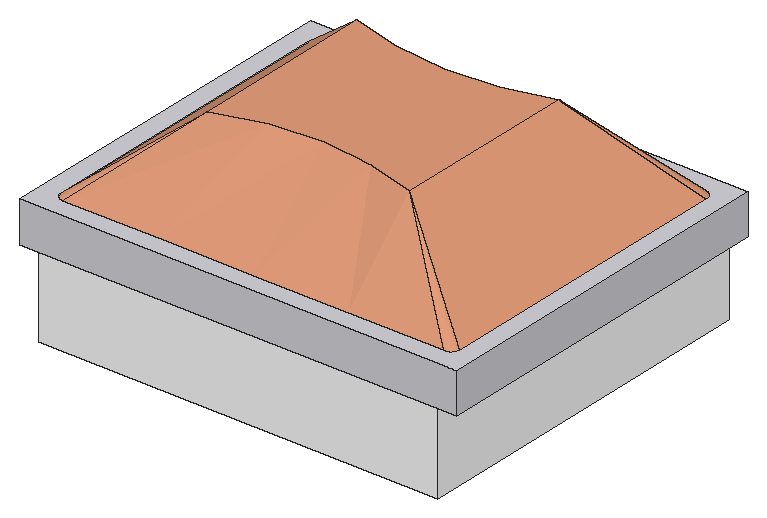
Revit family "Domotics-DomesticRanges-GEWISS-CHORUS_SIGNALLING-LAMP_SPORGENTI_2M", category Apparecchi elettrici, host Superficie, Revit 2016
Family settings
  Host = Superficie
  Mantenere orientamento annotazione = Sì
  Tipo di parte = Normale
  Quota connettore circolare = Usa diametro
  Taglio con vuoti quando caricato = Sì
  Condiviso = Sì
  Punto di calcolo locali = Sì
Parameters (values of type "GW14634 - Amber protruding indicator lamp 3W 2M titanium")
  Version file RFA = "19.0"
  URL = "https://www.gewiss.com/ww/en"
  Type of lamp = "LED"
  Tipo = Chorus Spie Sporgenti 2M_GENERICO : GW14634 Spia sporgente ambra 3W 2M titanio
  Technical sheet = "https://www.gewiss.com/ww/en/search?q=GW14634"
  Supply voltage = "12V ac/dc - 230V ac 50/60 Hz"
  Simbolo [instance] = yes
  SEO = "Indicator"
  Realized by GEWISS S.p.A. = ""
  Default Elevation = 1219.2 mm
  Produttore = "GEWISS S.p.A."
  Offset_spia [instance] = 0 mm
  Offset_bidimensionale [instance] = 2 mm
  No. Chorus modules: = "2"
  No. Chorus modules = "2"
  Modello = "GW14634"
  Lamp = "LED"
  Immagine tipo = GW14634.jpg
  IFC.TypeObject = ""
  IFC.ExportType = ""
  IFC.ExportAs = ""
  IDT = "e0227ad7-94cc-48c5-9b66-293781f40d4f"
  IDF = "8d5fe462-2424-4b85-a35d-1cd6d5551717"
  Electrocod = "0132"
  EAN code = "8011564268593"
  Distanza_effettiva_x [instance] = 1500 mm - Distanza_x  # 1500 mm
  Distanza_x [instance] = 0 mm
  Diffuser colour = "Amber"
  Descrizione = "AMBER PROTRUDING INDICATOR LAMP 3W 2M T"
  Description. = "Protruding indicator lamp"
  Colour = "Titanium"
  Catalogue Range = "CHORUS - DOMESTIC RANGE"
  Catalogue = "DOMOTICS"
  COBie.Tagnumber = ""
  COBie.CreatedOn = ""
  COBie.CreatebBy = ""
  COBie.ComponentRegisterItemID = ""
  COBie.Component.TagNumber = ""
  COBie.Component.Space = ""
  COBie.Component.SerialNumber = ""
  COBie.Component.InstallationDate = ""
  COBie.Component.Description = ""
  COBie.Component.BarCode = ""
Types (12, lengths in mm): name | Tipo | Technical sheet | Modello | Immagine tipo | IDT | EAN code | Diffuser colour | Descrizione | Colour
  GW10631 - Transp protruding indicator lamp 3W 2M white | Chorus Spie Sporgenti 2M_GENERICO : GW10631 Spia sporgente trasparente 3W 2M bianco | "https://www.gewiss.com/ww/en/search?q=GW10631" | "GW10631" | GW10631.jpg | "1886b4df-0400-4547-9aad-e1339f8ba9f0" | "8011564259041" | "Opal" | "TRANSP PROTRUDING INDICATOR LAMP 3W 2M W" | "White"
  GW10632 - Green protruding indicator lamp 3W 2M white | Chorus Spie Sporgenti 2M_GENERICO : GW10632 Spia sporgente verde 3W 2M bianco | "https://www.gewiss.com/ww/en/search?q=GW10632" | "GW10632" | GW10632.jpg | "ac0f9412-e2ad-4cfc-8fca-0d7d2849eaac" | "8011564259058" | "Green" | "GREEN PROTRUDING INDICATOR LAMP 3W 2M W" | "White"
  GW10633 - Red protruding indicator lamp 3W 2M white | Chorus Spie Sporgenti 2M_GENERICO : GW10633 Spia sporgente rossa 3W 2M bianco | "https://www.gewiss.com/ww/en/search?q=GW10633" | "GW10633" | GW10633.jpg | "52e35d17-4de8-4750-9875-00ee2a3d4090" | "8011564259065" | "Red" | "RED PROTRUDING INDICATOR LAMP 3W 2M W" | "White"
  GW10634 - Amber protruding indicator lamp 3W 2M white | Chorus Spie Sporgenti 2M_GENERICO : GW10634 Spia sporgente ambra 3W 2M bianco | "https://www.gewiss.com/ww/en/search?q=GW10634" | "GW10634" | GW10634.jpg | "b89d9ceb-82e0-46f4-b8cc-fb445c4fff6d" | "8011564259072" | "Amber" | "AMBER PROTRUDING INDICATOR LAMP 3W 2M W" | "White"
  GW12631 - Transp protruding indicator lamp 3W 2M black | Chorus Spie Sporgenti 2M_GENERICO : GW12631 Spia sporgente trasparente 3W 2M nero | "https://www.gewiss.com/ww/en/search?q=GW12631" | "GW12631" | GW12631.jpg | "28d2ca69-9960-4cc8-8793-6cc56358c371" | "8011564269293" | "Opal" | "TRANSP PROTRUDING INDICATOR LAMP 3W 2M B" | "Black"
  GW12632 - Green protruding indicator lamp 3W 2M black | Chorus Spie Sporgenti 2M_GENERICO : GW12632 Spia sporgente verde 3W 2M nero | "https://www.gewiss.com/ww/en/search?q=GW12632" | "GW12632" | GW12632.jpg | "3deabdcb-9f6d-47b8-9320-6b875f711a00" | "8011564269309" | "Green" | "GREEN PROTRUDING INDICATOR LAMP 3W 2M B" | "Black"
  GW12633 - Red protruding indicator lamp 3W 2M black | Chorus Spie Sporgenti 2M_GENERICO : GW12633 Spia sporgente rossa 3W 2M nero | "https://www.gewiss.com/ww/en/search?q=GW12633" | "GW12633" | GW12633.jpg | "c00be69c-7770-4575-9abf-0a0ce5b69597" | "8011564269316" | "Red" | "RED PROTRUDING INDICATOR LAMP 3W 2M B" | "Black"
  GW12634 - Amber protruding indicator lamp 3W 2M black | Chorus Spie Sporgenti 2M_GENERICO : GW12634 Spia sporgente ambra 3W 2M nero | "https://www.gewiss.com/ww/en/search?q=GW12634" | "GW12634" | GW12634.jpg | "b6e3f139-d8f9-4fda-9a56-983c1b44f090" | "8011564269323" | "Amber" | "AMBER PROTRUDING INDICATOR LAMP 3W 2M B" | "Black"
  GW14631 - Transp protruding indicator lamp 3W 2M titanium | Chorus Spie Sporgenti 2M_GENERICO : GW14631 Spia sporgente trasparente 3W 2M titanio | "https://www.gewiss.com/ww/en/search?q=GW14631" | "GW14631" | GW14631.jpg | "ca688b08-6c03-40c5-889a-0a3755986a64" | "8011564268548" | "Opal" | "TRANSP PROTRUDING INDICATOR LAMP 3W 2M T" | "Titanium"
  GW14632 - Green protruding indicator lamp 3W 2M titanium | Chorus Spie Sporgenti 2M_GENERICO : GW14632 Spia sporgente verde 3W 2M titanio | "https://www.gewiss.com/ww/en/search?q=GW14632" | "GW14632" | GW14632.jpg | "70e375bc-3731-4133-abc7-b4a892b0934f" | "8011564268555" | "Green" | "GREEN PROTRUDING INDICATOR LAMP 3W 2M T" | "Titanium"
  GW14633 - Red protruding indicator lamp 3W 2M titanium | Chorus Spie Sporgenti 2M_GENERICO : GW14633 Spia sporgente rossa 3W 2M titanio | "https://www.gewiss.com/ww/en/search?q=GW14633" | "GW14633" | GW14633.jpg | "a10d4236-7661-4016-8b4d-a92c3e5fce9a" | "8011564268586" | "Red" | "RED PROTRUDING INDICATOR LAMP 3W 2M T" | "Titanium"
  GW14634 - Amber protruding indicator lamp 3W 2M titanium | Chorus Spie Sporgenti 2M_GENERICO : GW14634 Spia sporgente ambra 3W 2M titanio | "https://www.gewiss.com/ww/en/search?q=GW14634" | "GW14634" | GW14634.jpg | "e0227ad7-94cc-48c5-9b66-293781f40d4f" | "8011564268593" | "Amber" | "AMBER PROTRUDING INDICATOR LAMP 3W 2M T" | "Titanium"
Reference planes
  plane 1 "Centro (Fronte/Retro)": y = 0
  plane 2: z = 0
  plane 3 "Centro (Sinistra/Destra)": x = 0
  plane 4: x = 0
  plane 5: z = 0
  plane 6: z = 25
  plane 7: z = 27
  plane 8: x = -1500
  plane 9: x = -27
  plane 10: x = 27
Lines and regions (mm)
  Masking region 1, detail levels coarse
    outline origin (0, 0, 0) x (1, 0, 0) y (0, 0, 1)
      loop
        line (-27, 25) -> (-27, 0) -> (27, 0) -> (27, 25) -> (-27, 25)
  model lines, style "ElectricalFixtures", not visible, detail levels coarse
    curve 1: arc (-16.196, 17.129, 0) -> (-16.862, 16.853, 0) -> (-17.138, 16.187, 0) r 0.942
    curve 2: arc (-17.138, -16.486, 0) -> (-16.862, -17.152, 0) -> (-16.196, -17.427, 0) r 0.942
    curve 3: arc (25.142, 16.187, 0) -> (24.866, 16.853, 0) -> (24.2, 17.129, 0) r 0.942
    curve 4: line (27, 22.5, 0) -> (27, -22.5, 0)
    curve 5: line (27, -22.5, 0) -> (-19, -22.5, 0)
    curve 6: line (-19, -22.5, 0) -> (-19, 22.5, 0)
    curve 7: line (-19, 22.5, 0) -> (27, 22.5, 0)
    curve 8: line (-17.138, 16.187, 0) -> (-17.138, -16.486, 0)
    curve 9: line (24.2, -17.427, 0) -> (-16.196, -17.427, 0)
    curve 10: line (24.2, 17.129, 0) -> (-16.196, 17.129, 0)
    curve 11: line (25.142, 16.187, 0) -> (25.142, -16.486, 0)
    curve 12: arc (24.2, -17.427, 0) -> (24.866, -17.152, 0) -> (25.142, -16.486, 0) r 0.942
    curve 13: arc (-17.138, 16.187, 0) -> (4.002, 7.812, 0) -> (25.142, 16.187, 0) r 30.867
    curve 14: arc (25.142, -16.486, 0) -> (4.002, -8.11, 0) -> (-17.138, -16.486, 0) r 30.867
  model lines, style "ElectricalFixtures", detail levels coarse
    curve 15: arc (-16.196, 17.129, 27) -> (-16.862, 16.853, 27) -> (-17.138, 16.187, 27) r 0.942
    curve 16: arc (-17.138, -16.486, 27) -> (-16.862, -17.152, 27) -> (-16.196, -17.427, 27) r 0.942
    curve 17: arc (25.142, 16.187, 27) -> (24.866, 16.853, 27) -> (24.2, 17.129, 27) r 0.942
    curve 18: line (27, 22.5, 27) -> (27, -22.5, 27)
    curve 19: line (27, -22.5, 27) -> (-19, -22.5, 27)
    curve 20: line (-19, -22.5, 27) -> (-19, 22.5, 27)
    curve 21: line (-19, 22.5, 27) -> (27, 22.5, 27)
    curve 22: line (-17.138, 16.187, 27) -> (-17.138, -16.486, 27)
    curve 23: line (24.2, -17.427, 27) -> (-16.196, -17.427, 27)
    curve 24: line (24.2, 17.129, 27) -> (-16.196, 17.129, 27)
    curve 25: line (25.142, 16.187, 27) -> (25.142, -16.486, 27)
    curve 26: arc (24.2, -17.427, 27) -> (24.866, -17.152, 27) -> (25.142, -16.486, 27) r 0.942
    curve 27: arc (-17.138, 16.187, 27) -> (4.002, 7.812, 27) -> (25.142, 16.187, 27) r 30.867
    curve 28: arc (25.142, -16.486, 27) -> (4.002, -8.11, 27) -> (-17.138, -16.486, 27) r 30.867
Dimensions and locks
  locked: plane 6 to plane 5 at 25
  "Offset_bidimensionale": plane 7 to plane 6
  "Distanza_effettiva_x": plane 8 to plane 4
  plane 8 to plane 3 "Centro (Sinistra/Destra)" = 1500 mm
  equal spacing: plane 10, plane 3 "Centro (Sinistra/Destra)", plane 9
  aligned and locked: plane 2 to host face
  aligned and locked: level to host face
  aligned and locked: plane 3 "Centro (Sinistra/Destra)" to nested 1
  aligned and locked: plane 1 "Centro (Fronte/Retro)" to nested 1
  aligned and locked: plane 4 to nested 2
  aligned and locked: Masking region 1 sketch curve to plane 6
  aligned and locked: plane 9 to Masking region 1 sketch curve
  aligned and locked: plane 5 to Masking region 1 sketch curve
  aligned and locked: Masking region 1 sketch curve to plane 10
  aligned and locked: plane 7 to curve 19
Automatic sketch dimensions
  host sketch curve to host sketch curve = 2438.4 mm  (x2)
Nested families
  nested 1: "Chorus Spie Sporgenti 2M_GENERICO" at (0, 0, 0), type <- "Tipo", type "GW14634 Spia sporgente ambra 3W 2M titanio", detail levels medium+fine
    with Altezza da Terra 250 mm
  nested 2: "SPIE" at (0, 62.579, 0), SIMBOLO <- "Simbolo", type "SPIE"
    with SIMBOLO yes, Distanza dal muro 4.208 mm, BORDO ACCESO yes
Definition of nested family "Chorus Spie Sporgenti 2M_GENERICO"
  Parameters (values of type "GW10631 Spia sporgente trasparente 3W 2M bianco")
    Spessore = 10 mm
    Finitura Spia 2M = none
    Finitura Placca Spia 2M = none
    Altezza da Terra [instance] = 250 mm
  Types (12): name
    GW10631 Spia sporgente trasparente 3W 2M bianco
    GW10632 Spia sporgente verde 3W 2M bianco
    GW10633 Spia sporgente rossa 3W 2M bianco
    GW10634 Spia sporgente ambra 3W 2M bianco
    GW12631 Spia sporgente trasparente 3W 2M nero
    GW12632 Spia sporgente verde 3W 2M nero
    GW12633 Spia sporgente rossa 3W 2M nero
    GW12634 Spia sporgente ambra 3W 2M nero
    GW14631 Spia sporgente trasparente 3W 2M titanio
    GW14632 Spia sporgente verde 3W 2M titanio
    GW14633 Spia sporgente rossa 3W 2M titanio
    GW14634 Spia sporgente ambra 3W 2M titanio
  Reference planes
    plane 1 "Centro (Fronte/Retro)": y = 0
    plane 2: z = 0
    plane 3 "Centro (Sinistra/Destra)": x = 0
    plane 4: y = -22.5
    plane 5: y = 22.5
    plane 6: y = 5
    plane 7: y = -10
    plane 8: x = -24.635
    plane 9: x = 24.635
    plane 10: x = -12.5
    plane 11: x = 12.45
    plane 12: y = 12.5
    plane 13: y = -9.532
    plane 14: y = -12.5
    plane 15: z = 10
    plane 16: z = 20.716
  Forms (mm)
    Extrusion 1, solid, material <- "Finitura Placca Spia 2M"
      sketch origin (0, -272.5, 15) x (1, 0, 0) y (0, 1, 0)
        loop
          line (-27, 295) -> (-27, 250) -> (27, 250) -> (27, 295) -> (-27, 295)
        loop
          line (23.538, 292.635) -> (-23.538, 292.635)
          arc (-23.538, 292.635) -> (-24.314, 292.314) -> (-24.635, 291.538) r 1.098
          line (-24.635, 291.538) -> (-24.635, 253.462)
          arc (-24.635, 253.462) -> (-24.314, 252.686) -> (-23.538, 252.365) r 1.098
          line (-23.538, 252.365) -> (23.538, 252.365)
          arc (23.538, 252.365) -> (24.314, 252.686) -> (24.635, 253.462) r 1.098
          line (24.635, 253.462) -> (24.635, 291.538)
          arc (24.635, 291.538) -> (24.314, 292.314) -> (23.538, 292.635) r 1.098
      from 0 to -5
    Blend 2, solid, material <- "Finitura Spia 2M"
      base sketch origin (0, -272.5, 15) x (1, 0, 0) y (0, 1, 0)
        loop
          line (-12.5, 284.019) -> (-12.5, 260.981)
          arc (-12.5, 260.981) -> (-0.027, 263.222) -> (12.45, 260.999) r 35.971
          line (12.45, 260.999) -> (12.45, 284.001)
          arc (12.45, 284.001) -> (-0.027, 281.778) -> (-12.5, 284.019) r 35.971
      top sketch origin (0, -272.5, 15) x (1, 0, 0) y (0, 1, 0)
        loop
          arc (-24.635, 253.462) -> (-24.314, 252.686) -> (-23.538, 252.365) r 1.098
          line (-23.538, 252.365) -> (23.538, 252.365)
          arc (23.538, 252.365) -> (24.314, 252.686) -> (24.635, 253.462) r 1.098
          line (24.635, 253.462) -> (24.635, 291.538)
          arc (24.635, 291.538) -> (24.314, 292.314) -> (23.538, 292.635) r 1.098
          line (23.538, 292.635) -> (-23.538, 292.635)
          arc (-23.538, 292.635) -> (-24.314, 292.314) -> (-24.635, 291.538) r 1.098
          line (-24.635, 291.538) -> (-24.635, 253.462)
      from 10 to 0
    Extrusion 3, solid, material <- "Finitura Placca Spia 2M", not visible
      sketch origin (0, -272.5, 5) x (1, 0, 0) y (0, 1, 0)
        loop
          line (-27, 295) -> (-27, 250) -> (27, 250) -> (27, 295) -> (-27, 295)
        loop
          line (23.538, 292.635) -> (-23.538, 292.635)
          arc (-23.538, 292.635) -> (-24.314, 292.314) -> (-24.635, 291.538) r 1.098
          line (-24.635, 291.538) -> (-24.635, 253.462)
          arc (-24.635, 253.462) -> (-24.314, 252.686) -> (-23.538, 252.365) r 1.098
          line (-23.538, 252.365) -> (23.538, 252.365)
          arc (23.538, 252.365) -> (24.314, 252.686) -> (24.635, 253.462) r 1.098
          line (24.635, 253.462) -> (24.635, 291.538)
          arc (24.635, 291.538) -> (24.314, 292.314) -> (23.538, 292.635) r 1.098
      from 0 to -5
    Blend 4, solid, material <- "Finitura Spia 2M", not visible
      base sketch origin (0, -272.5, 5) x (1, 0, 0) y (0, 1, 0)
        loop
          line (-12.5, 284.019) -> (-12.5, 260.981)
          arc (-12.5, 260.981) -> (-0.027, 263.222) -> (12.45, 260.999) r 35.971
          line (12.45, 260.999) -> (12.45, 284.001)
          arc (12.45, 284.001) -> (-0.027, 281.778) -> (-12.5, 284.019) r 35.971
      top sketch origin (0, -272.5, 5) x (1, 0, 0) y (0, 1, 0)
        loop
          arc (-24.635, 253.462) -> (-24.314, 252.686) -> (-23.538, 252.365) r 1.098
          line (-23.538, 252.365) -> (23.538, 252.365)
          arc (23.538, 252.365) -> (24.314, 252.686) -> (24.635, 253.462) r 1.098
          line (24.635, 253.462) -> (24.635, 291.538)
          arc (24.635, 291.538) -> (24.314, 292.314) -> (23.538, 292.635) r 1.098
          line (23.538, 292.635) -> (-23.538, 292.635)
          arc (-23.538, 292.635) -> (-24.314, 292.314) -> (-24.635, 291.538) r 1.098
          line (-24.635, 291.538) -> (-24.635, 253.462)
      from 10 to 0
    Extrusion 5, solid
      sketch origin (0, 0, 0) x (1, 0, 0) y (0, 1, 0)
        loop
          line (-24.635, 22.5) -> (-24.635, -22.5) -> (24.635, -22.5) -> (24.635, 22.5) -> (-24.635, 22.5)
      from 0 to 10
  Dimensions and locks
    locked: plane 10 to plane 8 at 12.135
    locked: plane 11 to plane 9 at 12.185
    equal spacing: plane 4, plane 1 "Centro (Fronte/Retro)", plane 5
    locked: plane 4 to plane 5 at 45
    plane 5 to plane 4 = 45 mm
    plane 8 to plane 9 = 49.271 mm
    "Spessore": plane 15 to plane 2
    aligned and locked: Extrusion 1 to plane 15
    aligned and locked: plane 8 to Extrusion 5 sketch curve
    aligned and locked: plane 9 to Extrusion 5 sketch curve
    aligned and locked: Extrusion 5 sketch curve to plane 5
    aligned and locked: plane 4 to Extrusion 5 sketch curve
    aligned and locked: plane 15 to Extrusion 5
    aligned and locked: Extrusion 5 to plane 2
  Automatic sketch dimensions
    Extrusion 1 sketch curve to Extrusion 1 sketch curve = 1.098 mm  (x4)
    Blend 2 sketch curve to Blend 2 sketch curve = 1.098 mm  (x3)
    Extrusion 1 sketch curve to Extrusion 1 sketch curve = 2.365 mm  (x3)
    Extrusion 1 sketch curve to Extrusion 1 sketch curve = 47.075 mm
    Extrusion 1 sketch curve to Extrusion 1 sketch curve = 38.075 mm
    Extrusion 1 sketch curve to Extrusion 1 sketch curve = 3.462 mm
    Blend 2 sketch curve to Blend 2 sketch curve = 12.5 mm  (x2)
    Blend 2 sketch curve to Blend 2 sketch curve = 24.95 mm
    Blend 2 sketch curve to Blend 2 sketch curve = 33.729 mm
    Blend 2 sketch curve to Blend 2 sketch curve = 23.002 mm
    Blend 2 sketch curve to Blend 2 sketch curve = 23.039 mm
    Blend 2 sketch curve to Blend 2 sketch curve = 47.075 mm
    Blend 2 sketch curve to Blend 2 sketch curve = 0 mm
    Blend 2 sketch curve to Blend 2 sketch curve = 38.075 mm
    Extrusion 3 sketch curve to Extrusion 3 sketch curve = 1.098 mm  (x4)
    Blend 4 sketch curve to Blend 4 sketch curve = 1.098 mm  (x3)
    Extrusion 3 sketch curve to Extrusion 3 sketch curve = 2.365 mm  (x3)
    Extrusion 3 sketch curve to Extrusion 3 sketch curve = 47.075 mm
    Extrusion 3 sketch curve to Extrusion 3 sketch curve = 38.075 mm
    Extrusion 3 sketch curve to Extrusion 3 sketch curve = 3.462 mm
    Blend 4 sketch curve to Blend 4 sketch curve = 12.5 mm  (x2)
    Blend 4 sketch curve to Blend 4 sketch curve = 24.95 mm
    Blend 4 sketch curve to Blend 4 sketch curve = 33.729 mm
    Blend 4 sketch curve to Blend 4 sketch curve = 23.002 mm
    Blend 4 sketch curve to Blend 4 sketch curve = 23.039 mm
    Blend 4 sketch curve to Blend 4 sketch curve = 47.075 mm
    Blend 4 sketch curve to Blend 4 sketch curve = 0 mm
    Blend 4 sketch curve to Blend 4 sketch curve = 38.075 mm
Definition of nested family "SPIE"
  Parameters (values of type "SEGNAP")
    tipo = SPIE_BASE : SEGNAP
    SIMBOLO [instance] = yes
    Distanza dal muro [instance] = 4.208 mm
    BORDO ACCESO [instance] = yes
  Types (3, lengths in mm): name | tipo
    SPIE DOPPIE | SPIE_BASE : SPIE DOPPIE
    SPIE | SPIE_BASE : SPIE
    SEGNAP | SPIE_BASE : SEGNAP
  Reference planes
    plane 1: y = 0
    plane 2: x = 0
  Lines and regions (mm)
    detail lines, visible <- "BORDO ACCESO", not visible
      curve 1: line (-2.25, 0.412, 0) -> (2.25, 0.412, 0)
      curve 2: line (2.25, 0.412, 0) -> (2.25, -5.588, 0)
      curve 3: line (2.25, -5.588, 0) -> (-2.25, -5.588, 0)
      curve 4: line (-2.25, -5.588, 0) -> (-2.25, 0.412, 0)
      curve 30: line (-1.85, 0.012, 0) -> (1.85, 0.012, 0)
      curve 31: line (1.85, 0.012, 0) -> (1.85, -5.188, 0)
      curve 32: line (1.85, -5.188, 0) -> (-1.85, -5.188, 0)
      curve 33: line (-1.85, -5.188, 0) -> (-1.85, 0.012, 0)
      curve 34: line (-2.25, 6, 0) -> (2.25, 6, 0)
      curve 35: line (2.25, 6, 0) -> (2.25, 0, 0)
      curve 36: line (2.25, 0, 0) -> (-2.25, 0, 0)
      curve 37: line (-2.25, 0, 0) -> (-2.25, 6, 0)
      curve 61: line (-1.85, 5.6, 0) -> (1.85, 5.6, 0)
      curve 62: line (1.85, 5.6, 0) -> (1.85, 0.4, 0)
      curve 63: line (1.85, 0.4, 0) -> (-1.85, 0.4, 0)
      curve 64: line (-1.85, 0.4, 0) -> (-1.85, 5.6, 0)
      curve 65: line (-2.443, 10.208, 0) -> (2.057, 10.208, 0)
      curve 66: line (2.057, 10.208, 0) -> (2.057, 4.208, 0)
      curve 67: line (2.057, 4.208, 0) -> (-2.443, 4.208, 0)
      curve 68: line (-2.443, 4.208, 0) -> (-2.443, 10.208, 0)
      curve 69: line (-2.043, 9.808, 0) -> (1.657, 9.808, 0)
      curve 70: line (1.657, 9.808, 0) -> (1.657, 4.608, 0)
      curve 71: line (1.657, 4.608, 0) -> (-2.043, 4.608, 0)
      curve 72: line (-2.043, 4.608, 0) -> (-2.043, 9.808, 0)
    detail lines, not visible
      curve 5: line (-9.473, -5.588, 0) -> (10.527, -5.588, 0)
      curve 6: circle (-0.56, -0.487, 0) r 0.969 normal (0, 0, 1)
      curve 7: line (-0.005, 0.306, 0) -> (0.852, 1.529, 0)
      curve 8: line (0.852, 1.529, 0) -> (1.529, 1.047, 0)
      curve 9: circle (-0.56, -315.487, 0) r 0.969 normal (0, 0, 1)
      curve 10: line (-0.005, -314.694, 0) -> (0.852, -313.471, 0)
      curve 11: line (0.852, -313.471, 0) -> (1.529, -313.953, 0)
      curve 12: line (-1.245, -314.803, 0) -> (0.124, -316.172, 0)
      curve 13: line (0.124, -314.803, 0) -> (-1.245, -316.172, 0)
      curve 14: circle (-0.56, -480.487, 0) r 0.969 normal (0, 0, 1)
      curve 15: line (-0.005, -479.694, 0) -> (0.852, -478.471, 0)
      curve 16: line (0.852, -478.471, 0) -> (1.529, -478.953, 0)
      curve 17: line (0.493, -478.983, 0) -> (1.167, -479.462, 0)
      curve 18: circle (-0.56, -880.487, 0) r 0.969 normal (0, 0, 1)
      curve 19: line (-0.005, -879.694, 0) -> (0.852, -878.471, 0)
      curve 20: line (0.852, -878.471, 0) -> (1.529, -878.953, 0)
      curve 21: line (-1.245, -879.803, 0) -> (0.124, -881.172, 0)
      curve 22: line (0.124, -879.803, 0) -> (-1.245, -881.172, 0)
      curve 23: line (0.493, -878.983, 0) -> (1.167, -879.462, 0)
      curve 24: circle (-0.56, -365.487, 0) r 0.969 normal (0, 0, 1)
      curve 25: line (-0.005, -364.694, 0) -> (0.852, -363.471, 0)
      curve 26: line (0.852, -363.471, 0) -> (1.529, -363.953, 0)
      curve 27: line (-0.56, -364.925, 0) -> (-0.56, -366.05, 0)
      curve 28: line (0.493, -363.983, 0) -> (1.167, -364.462, 0)
      curve 29: line (0, 3.621, 0) -> (0, -16.379, 0)
      curve 38: circle (-0.56, 2.417, 0) r 0.969 normal (0, 0, 1)
      curve 39: line (-0.005, 3.21, 0) -> (0.852, 4.433, 0)
      curve 40: line (0.852, 4.433, 0) -> (1.529, 3.951, 0)
      curve 41: circle (-0.56, 2.417, 0) r 0.969 normal (0, 0, 1)
      curve 42: line (-0.005, 3.21, 0) -> (0.852, 4.433, 0)
      curve 43: line (0.852, 4.433, 0) -> (1.529, 3.951, 0)
      curve 44: line (-1.245, 3.102, 0) -> (0.124, 1.732, 0)
      curve 45: line (0.124, 3.102, 0) -> (-1.245, 1.732, 0)
      curve 46: circle (-0.56, 2.417, 0) r 0.969 normal (0, 0, 1)
      curve 47: line (-0.005, 3.21, 0) -> (0.852, 4.433, 0)
      curve 48: line (0.852, 4.433, 0) -> (1.529, 3.951, 0)
      curve 49: circle (-0.56, 2.417, 0) r 0.969 normal (0, 0, 1)
      curve 50: line (-0.005, 3.21, 0) -> (0.852, 4.433, 0)
      curve 51: line (0.852, 4.433, 0) -> (1.529, 3.951, 0)
      curve 52: line (-1.245, 3.102, 0) -> (0.124, 1.732, 0)
      curve 53: line (0.124, 3.102, 0) -> (-1.245, 1.732, 0)
      curve 54: line (0.493, 3.921, 0) -> (1.167, 3.442, 0)
      curve 55: line (0.493, 3.921, 0) -> (1.167, 3.442, 0)
      curve 56: circle (-0.56, 2.417, 0) r 0.969 normal (0, 0, 1)
      curve 57: line (-0.005, 3.21, 0) -> (0.852, 4.433, 0)
      curve 58: line (0.852, 4.433, 0) -> (1.529, 3.951, 0)
      curve 59: line (-0.56, 2.979, 0) -> (-0.56, 1.854, 0)
      curve 60: line (0.493, 3.921, 0) -> (1.167, 3.442, 0)
  Dimensions and locks
    "Distanza dal muro": plane 1 to nested 1
    aligned and locked: curve 5 to curve 3
    aligned and locked: plane 2 to nested 1
  Nested families
    nested 1: "SPIE_BASE" at (0, 4.208, 0), BORDO ACCESO <- "BORDO ACCESO", type <- "tipo", visible <- "SIMBOLO", type "SEGNAP"
      with BORDO ACCESO yes
  Definition of nested family "SPIE_BASE"
    Parameters (values of type "SPIE DOPPIE")
      SPIE DOPPIE = yes
      SPIE = no
      SEGNAP = no
      Distanza dal muro = 4.208 mm
      BORDO ACCESO [instance] = yes
    Types (3, lengths in mm): name | SPIE DOPPIE | SPIE | SEGNAP
      SPIE | no | yes | no
      SPIE DOPPIE | yes | no | no
      SEGNAP | no | yes | yes
    Reference planes
      plane 1: y = 0
      plane 2: x = 0
    Lines and regions (mm)
      detail lines, visible <- "BORDO ACCESO", not visible
        curve 1: line (-2.25, 0.412, 0) -> (2.25, 0.412, 0)
        curve 2: line (2.25, 0.412, 0) -> (2.25, -5.588, 0)
        curve 3: line (2.25, -5.588, 0) -> (-2.25, -5.588, 0)
        curve 4: line (-2.25, -5.588, 0) -> (-2.25, 0.412, 0)
        curve 30: line (-1.85, 0.012, 0) -> (1.85, 0.012, 0)
        curve 31: line (1.85, 0.012, 0) -> (1.85, -5.188, 0)
        curve 32: line (1.85, -5.188, 0) -> (-1.85, -5.188, 0)
        curve 33: line (-1.85, -5.188, 0) -> (-1.85, 0.012, 0)
        curve 34: line (-2.25, 6, 0) -> (2.25, 6, 0)
        curve 35: line (2.25, 6, 0) -> (2.25, 0, 0)
        curve 36: line (2.25, 0, 0) -> (-2.25, 0, 0)
        curve 37: line (-2.25, 0, 0) -> (-2.25, 6, 0)
        curve 61: line (-1.85, 5.6, 0) -> (1.85, 5.6, 0)
        curve 62: line (1.85, 5.6, 0) -> (1.85, 0.4, 0)
        curve 63: line (1.85, 0.4, 0) -> (-1.85, 0.4, 0)
        curve 64: line (-1.85, 0.4, 0) -> (-1.85, 5.6, 0)
        curve 65: line (-2.443, 10.208, 0) -> (2.057, 10.208, 0)
        curve 66: line (2.057, 10.208, 0) -> (2.057, 4.208, 0)
        curve 67: line (2.057, 4.208, 0) -> (-2.443, 4.208, 0)
        curve 68: line (-2.443, 4.208, 0) -> (-2.443, 10.208, 0)
        curve 69: line (-2.043, 9.808, 0) -> (1.657, 9.808, 0)
        curve 70: line (1.657, 9.808, 0) -> (1.657, 4.608, 0)
        curve 71: line (1.657, 4.608, 0) -> (-2.043, 4.608, 0)
        curve 72: line (-2.043, 4.608, 0) -> (-2.043, 9.808, 0)
      detail lines, not visible
        curve 5: line (-9.473, -5.588, 0) -> (10.527, -5.588, 0)
        curve 6: circle (-0.56, -0.487, 0) r 0.969 normal (0, 0, 1)
        curve 7: line (-0.005, 0.306, 0) -> (0.852, 1.529, 0)
        curve 8: line (0.852, 1.529, 0) -> (1.529, 1.047, 0)
        curve 9: circle (-0.56, -315.487, 0) r 0.969 normal (0, 0, 1)
        curve 10: line (-0.005, -314.694, 0) -> (0.852, -313.471, 0)
        curve 11: line (0.852, -313.471, 0) -> (1.529, -313.953, 0)
        curve 12: line (-1.245, -314.803, 0) -> (0.124, -316.172, 0)
        curve 13: line (0.124, -314.803, 0) -> (-1.245, -316.172, 0)
        curve 14: circle (-0.56, -480.487, 0) r 0.969 normal (0, 0, 1)
        curve 15: line (-0.005, -479.694, 0) -> (0.852, -478.471, 0)
        curve 16: line (0.852, -478.471, 0) -> (1.529, -478.953, 0)
        curve 17: line (0.493, -478.983, 0) -> (1.167, -479.462, 0)
        curve 18: circle (-0.56, -880.487, 0) r 0.969 normal (0, 0, 1)
        curve 19: line (-0.005, -879.694, 0) -> (0.852, -878.471, 0)
        curve 20: line (0.852, -878.471, 0) -> (1.529, -878.953, 0)
        curve 21: line (-1.245, -879.803, 0) -> (0.124, -881.172, 0)
        curve 22: line (0.124, -879.803, 0) -> (-1.245, -881.172, 0)
        curve 23: line (0.493, -878.983, 0) -> (1.167, -879.462, 0)
        curve 24: circle (-0.56, -365.487, 0) r 0.969 normal (0, 0, 1)
        curve 25: line (-0.005, -364.694, 0) -> (0.852, -363.471, 0)
        curve 26: line (0.852, -363.471, 0) -> (1.529, -363.953, 0)
        curve 27: line (-0.56, -364.925, 0) -> (-0.56, -366.05, 0)
        curve 28: line (0.493, -363.983, 0) -> (1.167, -364.462, 0)
        curve 29: line (0, 3.621, 0) -> (0, -16.379, 0)
        curve 38: circle (-0.56, 2.417, 0) r 0.969 normal (0, 0, 1)
        curve 39: line (-0.005, 3.21, 0) -> (0.852, 4.433, 0)
        curve 40: line (0.852, 4.433, 0) -> (1.529, 3.951, 0)
        curve 41: circle (-0.56, 2.417, 0) r 0.969 normal (0, 0, 1)
        curve 42: line (-0.005, 3.21, 0) -> (0.852, 4.433, 0)
        curve 43: line (0.852, 4.433, 0) -> (1.529, 3.951, 0)
        curve 44: line (-1.245, 3.102, 0) -> (0.124, 1.732, 0)
        curve 45: line (0.124, 3.102, 0) -> (-1.245, 1.732, 0)
        curve 46: circle (-0.56, 2.417, 0) r 0.969 normal (0, 0, 1)
        curve 47: line (-0.005, 3.21, 0) -> (0.852, 4.433, 0)
        curve 48: line (0.852, 4.433, 0) -> (1.529, 3.951, 0)
        curve 49: circle (-0.56, 2.417, 0) r 0.969 normal (0, 0, 1)
        curve 50: line (-0.005, 3.21, 0) -> (0.852, 4.433, 0)
        curve 51: line (0.852, 4.433, 0) -> (1.529, 3.951, 0)
        curve 52: line (-1.245, 3.102, 0) -> (0.124, 1.732, 0)
        curve 53: line (0.124, 3.102, 0) -> (-1.245, 1.732, 0)
        curve 54: line (0.493, 3.921, 0) -> (1.167, 3.442, 0)
        curve 55: line (0.493, 3.921, 0) -> (1.167, 3.442, 0)
        curve 56: circle (-0.56, 2.417, 0) r 0.969 normal (0, 0, 1)
        curve 57: line (-0.005, 3.21, 0) -> (0.852, 4.433, 0)
        curve 58: line (0.852, 4.433, 0) -> (1.529, 3.951, 0)
        curve 59: line (-0.56, 2.979, 0) -> (-0.56, 1.854, 0)
        curve 60: line (0.493, 3.921, 0) -> (1.167, 3.442, 0)
      detail lines, visible <- "SPIE"
        curve 73: line (-0.354, 1.604, 0) -> (0.354, 0.896, 0)
        curve 74: circle (0, 1.25, 0) r 0.5 normal (0, 0, 1)
        curve 75: line (0.354, 1.604, 0) -> (-0.354, 0.896, 0)
      detail lines, visible <- "SPIE DOPPIE"
        curve 76: line (-0.354, 2.152, 0) -> (0.354, 1.445, 0)
        curve 77: circle (0, 1.799, 0) r 0.5 normal (0, 0, 1)
        curve 78: line (0.354, 2.152, 0) -> (-0.354, 1.445, 0)
        curve 79: line (-0.354, 0.348, 0) -> (0.354, 1.055, 0)
        curve 80: circle (0, 0.701, 0) r 0.5 normal (0, 0, -1)
        curve 81: line (0.354, 0.348, 0) -> (-0.354, 1.055, 0)
      detail lines, visible <- "SEGNAP"
        curve 82: line (-0.77, 1.96, 0) -> (0.77, 1.96, 0)
        curve 83: line (-0.77, 0.543, 0) -> (-0.77, 1.96, 0)
        curve 84: line (0.77, 0.543, 0) -> (-0.77, 0.543, 0)
        curve 85: line (0.77, 1.96, 0) -> (0.77, 0.543, 0)
    Dimensions and locks
      aligned and locked: curve 5 to curve 3
